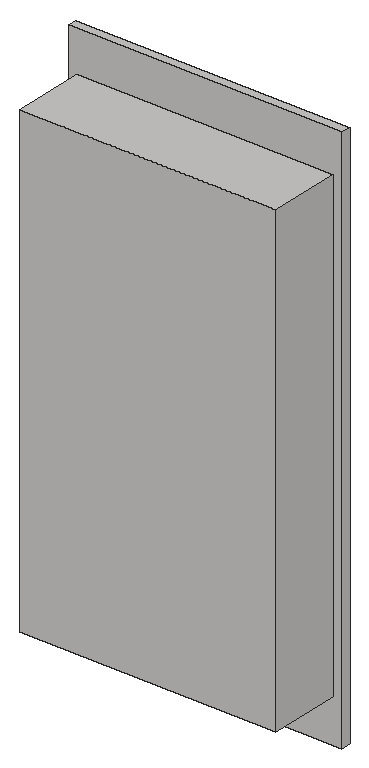
Revit family "Hydration_Station-Haws_Corporation-Brita_Hydration_Recess_Mount", category Specialty Equipment, host Wall, Revit 2013
Parameters (values of type "Recess Mounted")
  Width = 1' - 3"  # constant formula
  Voltage = 110 V
  URL = "http://www.britahydrationstation.com/"
  Type Comments = "Recessed Mounted"  # constant formula
  Spec Data = "http://www.britahydrationstation.com/docs/brita-hydration-station-spec-sheets.pdf"
  Series = "Brita Hydration Station"  # constant formula
  Rough In Width = 1' - 2 1/4"  # constant formula
  Rough In Height = 2' - 1 7/8"  # constant formula
  Product Page URL = "http://www.britahydrationstation.com/brita-hydration-station/tech-specs/"
  Product Documentation Link = "http://www.britahydrationstation.com/docs/brita-hydration-station-spec-sheets.pdf"
  Power Factor = 1
  Phase = 1
  Panel Finish = Metal-Haws-Stainless Steel-Brushed
  Sanitary Radius = 0' - 0 3/4"
  Outlet Description = "Aux Waste Port"
  Number of Poles = 1
  Model = "2000"  # constant formula
  Material = ""
  Manufacturer = "Haws Corporation 1455 Kleppe Lane Sparks, NV 89431"  # constant formula
  LEED = "http://www.britahydrationstation.com/brita-hydration-station/#sustainable"
  Installation Instructions = "http://www.britahydrationstation.com/docs/brita-hydration-station-2000-IN.pdf"
  Insert Tray = Plastic-Haws-ABS-Grey
  Supply Radius = 0' - 0 3/16"
  Inlet Description = "Supply Port"
  Hydration Center = Plastic-Haws-ABS-White
  Height = 2' - 6 1/4"  # constant formula
  Frequency = 60 Hz
  Flow = 1 GPM
  Faucet = Metal-Haws-Stainless Steel-Brushed
  Description = "Advanced Water Filtration System"  # constant formula
  Default Elevation = 2' - 6"
  Cost Note = "For Cost information please visit the Resource tab in the Product Page URL"
  Case Depth = 0' - 3 15/16"  # constant formula
  Assembly Code = "D2010800"
  Apparent Load = 110 VA
Reference planes (in)
  plane 1: y = 0
  plane 2 "Center (Left/Right)": x = 0
  plane 3 "Back": y = 3
  plane 4 "Front of panel": y = 3.5
  plane 5 "Left": x = -7.5
  plane 6 "Right": x = 7.5
  plane 7 "Back of Case": y = -0.9375
  plane 8: z = 30
  plane 9: z = 60.25
  plane 10: z = 31.5
Forms (in)
  Extrusion 1, void
    sketch origin (0, 3, 0) x (1, 0, 0) y (0, 0, 1)
      loop
        line (7, 32.375) -> (7, 58) -> (-7, 58) -> (-7, 32.375) -> (7, 32.375)
    from 0 to 3.9375
  Extrusion 2, solid, material "Metal-Haws-Stainless Steel-Brushed" <- "Panel Finish"
    sketch origin (0, 3, 0) x (1, 0, 0) y (0, 0, 1)
      loop
        line (7, 32.375) -> (7, 58) -> (-7, 58) -> (-7, 32.375) -> (7, 32.375)
    from 0 to 3.9375
  Extrusion 3, solid, material "Metal-Haws-Stainless Steel-Brushed" <- "Panel Finish"
    sketch origin (0, 3, 0) x (1, 0, 0) y (0, 0, 1)
      loop
        line (7.5, 30) -> (7.5, 60.25) -> (-7.5, 60.25) -> (-7.5, 30) -> (7.5, 30)
    from -0.5 to 0
Lines and regions (in)
  Masking region 1
    outline origin (0, 0, 0) x (1, 0, 0) y (0, 1, 0)
      loop
        line (-7, 3) -> (-7, -0.9375) -> (7, -0.9375) -> (7, 3) -> (-7, 3)
  Masking region 2
    outline origin (0, 0, 0) x (1, 0, 0) y (0, 1, 0)
      loop
        line (-7.5, 3.5) -> (-7.5, 3) -> (7.5, 3) -> (7.5, 3.5) -> (-7.5, 3.5)
  Masking region 3
    outline origin (0, 0, 0) x (1, 0, 0) y (0, 1, 0)
      loop
        line (-6.09375, 3.5) -> (6.09375, 3.5) -> (6.0011, 4.55896)
        arc (6.0011, 4.55896) -> (5.7998, 5.07001) -> (5.35263, 5.38897) r 0.96696
        arc (5.35263, 5.38897) -> (0, 6.28469) -> (-5.35263, 5.38897) r 16.44089
        arc (-5.35263, 5.38897) -> (-5.7998, 5.07001) -> (-6.0011, 4.55896) r 0.96696
        line (-6.0011, 4.55896) -> (-6.09375, 3.5)
  symbolic lines, detail levels medium+fine
    curve 1: arc (-2.97266, 6.33373, 0) -> (0, 6.92194, 0) -> (2.97266, 6.33373, 0) r 7.80561
    curve 2: arc (2.97266, 6.33373, 0) -> (3.17865, 6.17749, 0) -> (3.28065, 5.93991, 0) r 0.50629
    curve 3: arc (-2.97266, 6.33373, 0) -> (-3.17865, 6.17749, 0) -> (-3.28065, 5.93992, 0) r 0.50629
Text (in)
  text "Placement Side" at (0, 40.15149, 123.01588), in view "Right"
  text "Placement Side" at (-93.12952, 64.97332, 0), in view "Ref. Level"
  text "Placement Side" at (0, 47.49176, 140.59947), in view "Left"
Dimensions and locks (in)
  locked: plane 3 "Back" to host wall
  equal spacing: plane 5 "Left", plane 2 "Center (Left/Right)", plane 6 "Right"
  "Width": plane 5 "Left" to plane 6 "Right"
  locked: plane 3 "Back" to plane 4 "Front of panel" at 0.5
  "Case Depth": plane 3 "Back" to plane 7 "Back of Case"
  "Default Elevation": level to plane 8
  "Height": plane 8 to plane 9
  locked: Extrusion 1 sketch curve to plane 6 "Right" at 0.5
  locked: plane 5 "Left" to Extrusion 1 sketch curve at 0.5
  locked: Extrusion 1 sketch curve to plane 9 at 2.25
  locked: plane 8 to Extrusion 1 sketch curve at 2.375
  locked: Extrusion 2 sketch curve to plane 6 "Right" at 0.5
  locked: plane 5 "Left" to Extrusion 2 sketch curve at 0.5
  locked: Extrusion 2 sketch curve to plane 9 at 2.25
  locked: plane 8 to Extrusion 2 sketch curve at 2.375
  locked: plane 8 to plane 10 at 1.5
  locked: nested 1 to plane 4 "Front of panel" at 0
  locked: nested 1 to plane 2 "Center (Left/Right)" at 0
  locked: plane 10 to nested 1 at 0
  aligned and locked: Extrusion 1 to plane 7 "Back of Case"
  aligned and locked: host wall to Extrusion 1
  aligned and locked: host wall to Extrusion 2
  aligned and locked: Extrusion 2 to plane 7 "Back of Case"
  aligned and locked: plane 6 "Right" to Extrusion 3 sketch curve
  aligned and locked: plane 8 to Extrusion 3 sketch curve
  aligned and locked: plane 9 to Extrusion 3 sketch curve
  aligned and locked: Extrusion 3 sketch curve to plane 5 "Left"
  aligned and locked: plane 4 "Front of panel" to Extrusion 3
  aligned and locked: Extrusion 3 to host wall
Automatic sketch dimensions
  Masking region 1 sketch curve to plane 7 "Back of Case" = 0' - 0"
  Masking region 1 sketch curve to host wall = 0' - 0"
  Masking region 1 sketch curve to plane 5 "Left" = 0' - 0 1/2"
  plane 6 "Right" to Masking region 1 sketch curve = 0' - 0 1/2"
  Masking region 2 sketch curve to host wall = 0' - 0"
  Masking region 2 sketch curve to plane 5 "Left" = 0' - 0"
  Masking region 2 sketch curve to plane 6 "Right" = 0' - 0"
  Masking region 2 sketch curve to plane 4 "Front of panel" = 0' - 0"
  Masking region 3 sketch curve to plane 4 "Front of panel" = 0' - 0"
  Masking region 3 sketch curve to plane 5 "Left" = 0' - 1 13/32"
  Masking region 3 sketch curve to Masking region 3 sketch curve = 0' - 0.09265"  (x2)
  Masking region 3 sketch curve to Masking region 3 sketch curve = 0' - 0.64847"
  Masking region 3 sketch curve to Masking region 3 sketch curve = 0' - 0"  (x2)
  Masking region 3 sketch curve to Masking region 3 sketch curve = 0' - 0.96328"  (x2)
  Masking region 3 sketch curve to plane 2 "Center (Left/Right)" = 0' - 0"
  plane 4 "Front of panel" to Masking region 3 sketch curve = 0' - 0.97468"
  plane 6 "Right" to Masking region 3 sketch curve = 0' - 2.46218"
  Masking region 3 sketch curve to Masking region 3 sketch curve = 0' - 0.31481"
  plane 4 "Front of panel" to Masking region 3 sketch curve = 0' - 1.05896"
  curve 3 to plane 2 "Center (Left/Right)" = 0' - 3.28065"
  curve 3 to curve 3 = 0' - 0.30799"
  curve 1 to curve 3 = 0' - 0"
  curve 1 to curve 3 = 0' - 0.19281"
  curve 1 to plane 2 "Center (Left/Right)" = 0' - 0"
  plane 2 "Center (Left/Right)" to curve 2 = 0' - 2.77984"
  curve 2 to curve 1 = 0' - 0.19281"
  curve 2 to curve 1 = 0' - 0"
  curve 1 to curve 2 = 0' - 0.30799"
  plane 7 "Back of Case" to curve 1 = 0' - 0.05383"
  plane 4 "Front of panel" to curve 2 = 0' - 2.36559"
Nested families (in)
  nested 1: "Hydration_Station-Haws-Brita_Hydration" at (0, 4.125, 31.5) x (-1, 0, 0) z (0, 0, 1), type "Hydration_Station-Haws-Brita_Hydration"
Connectors (in)
  electrical at (0, -0.9375, 45.1875), driven by "Number of Poles", driven by "Voltage", driven by "Apparent Load", driven by "Power Factor"
    settings: on Extrusion 2, index 1, voltage 110 V, apparent load 0 VA, apparent load phase1 110 VA, apparent load phase2 0 VA, apparent load phase3 0 VA, power factor 1, load classification "Other", number of poles 1, system type 31, power factor state 1, is connector primary yes, connector utility no, sub classification motor no, connector description "Power Connector"
  piping at (0, 1.03125, 32.375), driven by "Sanitary Radius", driven by "Outlet Description"
    settings: on Extrusion 2, index 2, connector radius 3/4", flow factor 0, pipe flow 0 GPM, pressure drop 0.00 psi, fitting loss kfactor 0, connector angle 0.00°, fixture units 0, engagement length 0' - 0", flow configuration 0, flow direction 2, fitting loss method 0, system type 16, joint type 0, gender type 0, connector reference index -1, connector utility 0, adjustable connector no, is connector primary yes, fitting loss table "", connector description "Aux Waste Port"
  piping at (0, -0.9375, 45.1875), driven by "Supply Radius"
    settings: on host wall, index 3, connector radius 3/16", flow factor 0, pipe flow 0 GPM, pressure drop 0.00 psi, fitting loss kfactor 0, connector angle 0.00°, fixture units 0, engagement length 0' - 0", flow configuration 0, flow direction 1, fitting loss method 0, system type 20, joint type 0, gender type 0, connector reference index -1, connector utility 0, adjustable connector no, is connector primary no, fitting loss table "", connector description "Supply Port"
Definition of nested family "Hydration_Station-Haws-Brita_Hydration"
  Parameters (values of type "Hydration_Station-Haws-Brita_Hydration")
    Width = 1' - 0 3/16"  # constant formula
    URL = "http://www.hawsco.com/"
    Model = "Brita Hydration Station"  # constant formula
    Manufacturer = "Haws"  # constant formula
    Insert Tray = Plastic-Haws-ABS-Grey
    Height = 1' - 11 47/64"  # constant formula
    Finish = Plastic-Haws-ABS-White
    Faucet = Metal-Haws-Stainless Steel-Brushed
  Reference planes (in)
    plane 1 "Center (Front/Back)": y = 0
    plane 2 "Bottom": z = 0
    plane 3 "Center (Left/Right)": x = 0
    plane 4 "Front": y = -2.79688
    plane 5 "Back": y = 0.625
    plane 6 "Left": x = -6.09375
    plane 7 "Right": x = 6.09375
    plane 8 "Top": z = 23.73438
    plane 9 "Tray": z = 7.26172
  Forms (in)
    Extrusion 1, solid, material "Plastic-Haws-ABS-White" <- "Finish"
      sketch origin (0, 0, 0) x (1, 0, 0) y (0, 0, 1)
        loop
          arc (-5.29687, 22.83594) -> (-5.85926, 22.33085) -> (-6.09375, 21.61223) r 1.4603
          line (-6.09375, 21.61223) -> (-6.09375, 2.12214)
          arc (-6.09375, 2.12214) -> (-5.85926, 1.40353) -> (-5.29687, 0.89844) r 1.4603
          arc (-5.29687, 0.89844) -> (0, 0) -> (5.29688, 0.89844) r 16.06349
          arc (5.29688, 0.89844) -> (5.85926, 1.40353) -> (6.09375, 2.12214) r 1.4603
          line (6.09375, 2.12214) -> (6.09375, 21.61223)
          arc (6.09375, 21.61223) -> (5.85926, 22.33085) -> (5.29687, 22.83594) r 1.4603
          arc (5.29687, 22.83594) -> (0, 23.73438) -> (-5.29687, 22.83594) r 16.06349
        loop
          line (-3.27344, 3.125) -> (3.27344, 3.125) -> (3.27344, 19.85156) -> (-3.27344, 19.85156) -> (-3.27344, 3.125)
      from -0.625 to 2.79687
    Extrusion 2, solid, material "Plastic-Haws-ABS-White" <- "Finish"
      sketch origin (0, 0, 0) x (1, 0, 0) y (0, 0, 1)
        loop
          line (-3.27344, 3.125) -> (3.27344, 3.125) -> (3.27344, 19.85156) -> (-3.27344, 19.85156) -> (-3.27344, 3.125)
      from -0.625 to 0
    Extrusion 3, void
      sketch origin (0, 0, 0) x (1, 0, 0) y (0, 1, 0)
        loop
          line (6.09375, 0.625) -> (6, -0.39063)
          arc (6, -0.39063) -> (5.78065, -0.94633) -> (5.29688, -1.29688) r 1.06645
          line (5.29688, -1.29688) -> (5.29688, -2.79688) -> (6.09375, -2.79688) -> (6.09375, 0.625)
        loop
          line (-6.09375, 0.625) -> (-6.09375, -2.79688) -> (-5.29687, -2.79688) -> (-5.29687, -1.29688)
          arc (-5.29687, -1.29688) -> (-5.78065, -0.94633) -> (-6, -0.39063) r 1.06645
          line (-6, -0.39063) -> (-6.09375, 0.625)
      from 0 to 23.73437
    Extrusion 4, void
      sketch origin (0, 0, 0) x (1, 0, 0) y (0, 1, 0)
        loop
          line (-5.29687, -1.29688) -> (-5.29687, -2.79688) -> (5.29687, -2.79688) -> (5.29687, -1.29688)
          arc (5.29687, -1.29688) -> (0, -2.1875) -> (-5.29687, -1.29688) r 16.19655
      from 0 to 23.73438
    Sweep 5, void
      path origin (0, 0, 23.73437) x (-1, 0, 0) y (0, -1, 0)
        loop
          arc (6.09375, 0.99704) -> (0, 2.18856) -> (-6.09375, 0.99704) r 16.17835
      profile origin (0, -2.18856, 23.73437) x (0, 1, 0) y (0, 0, 1)
        loop
          line (-0.60831, -1.80697) -> (0, -1.80697)
          arc (0, -1.80697) -> (0.29942, -0.95334) -> (1.05575, -0.45703) r 1.41085
          line (1.05575, -0.45703) -> (2.81356, 0) -> (-0.60831, 0) -> (-0.60831, -1.80697)
    Sweep 6, void
      path origin (0, 0, 0) x (1, 0, 0) y (0, 1, 0)
        loop
          arc (-6.09375, -0.99704) -> (0, -2.18856) -> (6.09375, -0.99704) r 16.17835
      profile origin (0, -2.18856, 0) x (0, 1, 0) y (0, 0, 1)
        loop
          line (-0.60831, 1.80697) -> (-0.60831, 0) -> (2.81356, 0) -> (1.05575, 0.45703)
          arc (1.05575, 0.45703) -> (0.29942, 0.95334) -> (0, 1.80697) r 1.41085
          line (0, 1.80697) -> (-0.60831, 1.80697)
    Extrusion 7, void
      sketch origin (0, 0, 0) x (1, 0, 0) y (0, 0, 1)
        loop
          line (-6.09375, 8.51953) -> (-4.29297, 8.51953) -> (-4.29297, 20.88672) -> (-6.09375, 20.88672) -> (-6.09375, 8.51953)
        loop
          line (6.09375, 8.51953) -> (6.09375, 20.88672) -> (4.29297, 20.88672) -> (4.29297, 8.51953) -> (6.09375, 8.51953)
      from 0 to 2.79687
    Extrusion 8, solid, material "Plastic-Haws-ABS-Grey" <- "Insert Tray", detail levels medium+fine
      sketch origin (0, 0, 0) x (1, 0, 0) y (0, 1, 0)
        loop
          line (3.27344, -1.85326) -> (3.27344, 0) -> (-3.27344, 0) -> (-3.27344, -1.85326)
          arc (-3.27344, -1.85326) -> (0, -2.1875) -> (3.27344, -1.85326) r 16.19655
      from 3.125 to 4.57812
    Extrusion 9, solid, material "Plastic-Haws-ABS-Grey" <- "Insert Tray", detail levels medium+fine
      sketch origin (0, 0, 0) x (1, 0, 0) y (0, 1, 0)
        loop
          line (-3.27344, 0) -> (-3.27344, -1.85326)
          arc (-3.27344, -1.85326) -> (-3.16634, -2.06762) -> (-2.97266, -2.20873) r 0.50629
          arc (-2.97266, -2.20873) -> (0, -2.79694) -> (2.97266, -2.20873) r 7.80561
          arc (2.97266, -2.20873) -> (3.16634, -2.06762) -> (3.27344, -1.85326) r 0.50629
          line (3.27344, -1.85326) -> (3.27344, 0) -> (-3.27344, 0)
      from 4.57812 to 7.26172
    Extrusion 10, solid, material "Metal-Haws-Stainless Steel-Brushed" <- "Faucet", detail levels medium+fine
      sketch origin (0, 0, 23.73437) x (-1, 0, 0) y (0, -1, 0)
        loop
          circle (0, 1.09375) r 0.86133
      from -4.92578 to -3.88281
    Extrusion 11, solid, material "Plastic-Haws-ABS-White" <- "Finish", detail levels medium+fine
      sketch origin (0, 0, 0) x (1, 0, 0) y (0, 0, 1)
        loop
          line (-0.98828, 15.27344) -> (0.98828, 15.27344) -> (0.98828, 17.64844) -> (-0.98828, 17.64844) -> (-0.98828, 15.27344)
      from -0.625 to 0.0625
  Cuts and joins
    Extrusion 3, Extrusion 4, Sweep 5, Sweep 6, Extrusion 7 cuts Extrusion 1
    Extrusion 7 cuts Extrusion 2
  Lines and regions (in)
    Masking region 1
      outline origin (0, 0, 23.73437) x (-1, 0, 0) y (0, -1, 0)
        loop
          line (6.09375, -0.625) -> (6, 0.39063)
          arc (6, 0.39063) -> (5.78064, 0.94631) -> (5.29705, 1.29681) r 1.06633
          arc (5.29705, 1.29681) -> (0.0001, 2.21438) -> (-5.29685, 1.29681) r 15.74793
          arc (-5.29685, 1.29681) -> (-5.78064, 0.94631) -> (-6, 0.39063) r 1.06633
          line (-6, 0.39063) -> (-6.09375, -0.625) -> (6.09375, -0.625)
    Masking region 2, detail levels medium+fine
      outline origin (0, 0, 7.26172) x (-1, 0, 0) y (0, -1, 0)
        loop
          line (3.27344, 0) -> (3.27344, 1.85326)
          arc (3.27344, 1.85326) -> (3.16634, 2.06762) -> (2.97266, 2.20873) r 0.50629
          arc (2.97266, 2.20873) -> (0, 2.79694) -> (-2.97266, 2.20873) r 7.80561
          arc (-2.97266, 2.20873) -> (-3.16634, 2.06762) -> (-3.27344, 1.85326) r 0.50629
          line (-3.27344, 1.85326) -> (-3.27344, 0) -> (3.27344, 0)
    model lines, detail levels fine
      curve 1: circle (0, -0.0625, 16.46094) r 0.625 normal (0, -1, 0)
      curve 2: line (-0.98828, 0, 8.82422) -> (0.98828, 0, 8.82422)
      curve 3: line (-0.98828, 0, 13.82031) -> (-0.98828, 0, 8.82422)
      curve 4: line (0.98828, 0, 13.82031) -> (-0.98828, 0, 13.82031)
      curve 5: line (0.98828, 0, 8.82422) -> (0.98828, 0, 13.82031)
      curve 6: circle (5.22656, 0, 17.90234) r 0.10156 normal (0, -1, 0)
    symbolic lines, style "GenericModelHiddenLines", detail levels fine
      curve 7: circle (0, -1.09375, 23.73437) r 0.86133 normal (0, 0, 1)
    model lines, detail levels medium+fine
      curve 8: line (-6.09375, 0.625, 7.26172) -> (-6, -0.39062, 7.26172)
      curve 9: arc (-6, -0.39062, 7.26172) -> (-5.78071, -0.94626, 7.26172) -> (-5.29705, -1.29681, 7.26172) r 1.06645
      curve 10: arc (-5.29705, -1.29681, 7.26172) -> (-4.29257, -1.61836, 7.26172) -> (-3.26881, -1.8719, 7.26172) r 15.73578
      curve 11: arc (5.29685, -1.29681, 7.26172) -> (5.78066, -0.94614, 7.26172) -> (6.00003, -0.39033, 7.26172) r 1.0668
      curve 12: line (6.00003, -0.39033, 7.26172) -> (6.09375, 0.625, 7.26172)
      curve 13: arc (5.29705, -1.29681, 7.26172) -> (4.29257, -1.61836, 7.26172) -> (3.26881, -1.8719, 7.26172) r 15.73578
  Dimensions and locks (in)
    plane 5 "Back" to plane 1 "Center (Front/Back)" to plane 4 "Front" = 0' - 0 5/8" locked, 0' - 2 51/64" locked
    equal spacing: plane 6 "Left", plane 3 "Center (Left/Right)", plane 7 "Right"
    "Width": plane 6 "Left" to plane 7 "Right"
    "Height": plane 8 "Top" to level
    plane 8 "Top" to Extrusion 1 sketch curve to Extrusion 1 sketch curve to Extrusion 1 sketch curve = 0' - 0 115/128" locked, 0' - 1.22371" locked, 0' - 1.76067" locked
    plane 8 "Top" to Extrusion 1 sketch curve to Extrusion 1 sketch curve = 0' - 0 115/128" locked, 0' - 1.22371" locked
    Extrusion 1 sketch curve to Extrusion 1 sketch curve to level = 0' - 1.22371" locked, 0' - 0 115/128" locked
    Extrusion 1 sketch curve to Extrusion 1 sketch curve to Extrusion 1 sketch curve to level = 0' - 1.00286" locked, 0' - 1.22371" locked, 0' - 0 115/128" locked
    plane 6 "Left" to Extrusion 1 sketch curve to Extrusion 1 sketch curve = 0' - 0 51/64" locked, 0' - 2 3/128" locked
    Extrusion 1 sketch curve to Extrusion 1 sketch curve to plane 7 "Right" = 0' - 2 3/128" locked, 0' - 0 51/64" locked
    locked: plane 6 "Left" to Extrusion 1 sketch curve at 0.79688
    locked: Extrusion 1 sketch curve to plane 7 "Right" at 0.79687
    locked: plane 8 "Top" to Extrusion 1 sketch curve at 0
    locked: level to Extrusion 1 sketch curve at 0
    locked: plane 6 "Left" to Extrusion 2 sketch curve at 2.82031
    locked: Extrusion 2 sketch curve to plane 7 "Right" at 2.82031
    locked: plane 8 "Top" to Extrusion 2 sketch curve at 3.88281
    locked: Extrusion 2 sketch curve to level at 3.125
    plane 6 "Left" to Extrusion 3 sketch curve to Extrusion 3 sketch curve = 0' - 0 3/32" locked, 0' - 0 45/64" locked
    plane 5 "Back" to Extrusion 3 sketch curve to Extrusion 3 sketch curve to Extrusion 3 sketch curve = 0' - 0" locked, 0' - 0.9176" locked, 0' - 0.09802" locked  (x2)
    Extrusion 3 sketch curve to Extrusion 3 sketch curve to plane 7 "Right" = 0' - 0 45/64" locked, 0' - 0 3/32" locked
    locked: plane 6 "Left" to Extrusion 4 sketch curve at 0.79687
    locked: Extrusion 4 sketch curve to plane 7 "Right" at 0.79688
    locked: plane 5 "Back" to Extrusion 4 sketch curve at 2.8125
    locked: plane 5 "Back" to Sweep 5 sketch curve at 2.81356
    plane 8 "Top" to Sweep 5 sketch curve to Sweep 5 sketch curve = 0' - 0 117/256" locked, 0' - 1.34994" locked
    plane 5 "Back" to Sweep 5 sketch curve to Sweep 5 sketch curve to Sweep 5 sketch curve = 0' - 0" locked, 0' - 1 97/128" locked, 0' - 1.05575" locked
    Sweep 6 sketch curve to Sweep 6 sketch curve to level = 0' - 1.34994" locked, 0' - 0 117/256" locked
    plane 5 "Back" to Sweep 6 sketch curve to Sweep 6 sketch curve to Sweep 6 sketch curve = 0' - 0" locked, 0' - 1 97/128" locked, 0' - 1.05575" locked
    locked: plane 5 "Back" to Sweep 6 sketch curve at 2.81356
    locked: plane 8 "Top" to Extrusion 7 sketch curve at 2.84766  (x2)
    locked: Extrusion 7 sketch curve to level at 8.51953  (x2)
    locked: plane 6 "Left" to Extrusion 7 sketch curve at 1.80078
    locked: Extrusion 7 sketch curve to plane 7 "Right" at 1.80078
    locked: plane 9 "Tray" to level at 7.26172
    locked: plane 5 "Back" to Extrusion 8 sketch curve at 2.8125
    locked: plane 6 "Left" to Extrusion 8 sketch curve at 2.82031
    locked: Extrusion 8 sketch curve to plane 7 "Right" at 2.82031
    Extrusion 8 to Extrusion 8 to level = 0' - 1 29/64" locked, 0' - 3 1/8" locked
    locked: plane 6 "Left" to Extrusion 9 sketch curve at 2.82031
    locked: Extrusion 9 sketch curve to plane 7 "Right" at 2.82031
    locked: Extrusion 9 to level at 4.57812
    locked: plane 5 "Back" to Extrusion 9 sketch curve at 2.36559  (x2)
    plane 8 "Top" to Extrusion 10 to Extrusion 10 = 0' - 3 113/128" locked, 0' - 1 11/256" locked
    locked: plane 3 "Center (Left/Right)" to curve 1 at 0
    plane 8 "Top" to Extrusion 11 sketch curve to Extrusion 11 sketch curve = 0' - 6 11/128" locked, 0' - 2 3/8" locked
    Extrusion 11 sketch curve to plane 3 "Center (Left/Right)" to Extrusion 11 sketch curve = 0' - 0 253/256" locked, 0' - 0 253/256" locked
    locked: plane 8 "Top" to curve 1 at 7.27344
    locked: plane 1 "Center (Front/Back)" to Extrusion 11 at 0.0625
    curve 4 to curve 2 to plane 9 "Tray" = 0' - 4 255/256" locked, 0' - 1 9/16" locked
    curve 3 to plane 3 "Center (Left/Right)" to curve 5 = 0' - 0 253/256" locked, 0' - 0 253/256" locked
    locked: plane 8 "Top" to curve 6 at 5.83203
    locked: curve 6 to plane 7 "Right" at 0.86719
    plane 5 "Back" to Masking region 1 sketch curve to Masking region 1 sketch curve = 0' - 1 1/64" locked, 0' - 0.90619" locked  (x2)
    plane 6 "Left" to Masking region 1 sketch curve to Masking region 1 sketch curve to Masking region 1 sketch curve = 0' - 0" locked, 0' - 0 3/32" locked, 0' - 0.70315" locked
    Masking region 1 sketch curve to Masking region 1 sketch curve to plane 7 "Right" to Masking region 1 sketch curve = 0' - 0.70315" locked, 0' - 0 3/32" locked, 0' - 0" locked
    locked: plane 3 "Center (Left/Right)" to curve 7 at 0
    locked: plane 5 "Back" to curve 7 at 1.71875
    locked: plane 5 "Back" to Masking region 2 sketch curve at 2.36559  (x2)
    Masking region 2 sketch curve to plane 3 "Center (Left/Right)" to Masking region 2 sketch curve = 0' - 3 35/128" locked, 0' - 3 35/128" locked
    curve 8 to plane 6 "Left" to curve 9 to curve 10 = 0' - 0" locked, 0' - 0 3/32" locked, 0' - 0.70295" locked
    locked: plane 6 "Left" to curve 10 at 2.82494
    curve 13 to curve 13 to curve 11 to plane 7 "Right" to curve 12 = 0' - 2.02824" locked, 0' - 0.70298" locked, 0' - 0.09372" locked, 0' - 0" locked
    plane 5 "Back" to curve 8 to curve 9 to curve 10 = 0' - 0" locked, 0' - 1 1/64" locked, 0' - 0.90619" locked
    plane 5 "Back" to curve 12 to curve 13 = 0' - 1.01533" locked, 0' - 0.90648" locked
    aligned and locked: Extrusion 1 sketch curve to plane 6 "Left"
    aligned and locked: Extrusion 1 sketch curve to plane 7 "Right"
    aligned and locked: plane 5 "Back" to Extrusion 1
    aligned and locked: Extrusion 1 to plane 4 "Front"
    aligned and locked: plane 5 "Back" to Extrusion 2
    aligned and locked: plane 1 "Center (Front/Back)" to Extrusion 2
    aligned and locked: plane 8 "Top" to Extrusion 3
    aligned and locked: Extrusion 3 to level
    aligned and locked: plane 8 "Top" to Extrusion 4
    aligned and locked: plane 4 "Front" to Extrusion 3 sketch curve
    aligned and locked: plane 6 "Left" to Extrusion 3 sketch curve
    aligned and locked: Extrusion 3 sketch curve to plane 4 "Front"
    aligned and locked: plane 7 "Right" to Extrusion 3 sketch curve
    aligned and locked: Extrusion 4 sketch curve to plane 4 "Front"
    aligned and locked: Extrusion 4 to level
    aligned and locked: plane 6 "Left" to Sweep 5 sketch curve
    aligned and locked: plane 7 "Right" to Sweep 5 sketch curve
    aligned and locked: Sweep 5 sketch curve to plane 8 "Top"
    aligned and locked: plane 4 "Front" to Sweep 5 sketch curve
    aligned and locked: Sweep 6 sketch curve to level
    aligned and locked: plane 7 "Right" to Sweep 6 sketch curve
    aligned and locked: plane 6 "Left" to Sweep 6 sketch curve
    aligned and locked: plane 6 "Left" to Extrusion 7 sketch curve
    aligned and locked: plane 7 "Right" to Extrusion 7 sketch curve
    aligned and locked: Extrusion 7 to plane 1 "Center (Front/Back)"
    aligned and locked: Extrusion 7 to plane 4 "Front"
    aligned and locked: plane 1 "Center (Front/Back)" to Extrusion 8 sketch curve
    aligned: Extrusion 8 to cut or joined group of Extrusion 1, Extrusion 3, Extrusion 4, Sweep 5, Sweep 6, Extrusion 7
    aligned and locked: plane 1 "Center (Front/Back)" to Extrusion 9 sketch curve
    aligned and locked: plane 9 "Tray" to Extrusion 9
    aligned and locked: plane 5 "Back" to Extrusion 11
    aligned and locked: Masking region 1 sketch curve to plane 5 "Back"
    aligned and locked: Masking region 2 sketch curve to plane 1 "Center (Front/Back)"
  Automatic sketch dimensions
    Extrusion 1 sketch curve to plane 6 "Left" = 0' - 1.4582"  (x2)
    plane 7 "Right" to Extrusion 1 sketch curve = 0' - 1.4582"  (x2)
    Extrusion 3 sketch curve to Extrusion 3 sketch curve = 0' - 1.06193"
    Extrusion 3 sketch curve to Extrusion 3 sketch curve = 0' - 0.35881"
    Extrusion 4 sketch curve to plane 3 "Center (Left/Right)" = 0' - 0"
    plane 1 "Center (Front/Back)" to Extrusion 4 sketch curve = 0' - 1 19/64"
    Sweep 5 sketch curve to plane 3 "Center (Left/Right)" = 0' - 0"
    plane 5 "Back" to Sweep 5 sketch curve = 1' - 1.36479"
    Sweep 5 sketch curve to profile plane = 0' - 1.41077"
    Sweep 6 sketch curve to plane 3 "Center (Left/Right)" = 0' - 0"
    plane 1 "Center (Front/Back)" to Sweep 6 sketch curve = 0' - 0.99704"
    profile plane to Sweep 6 sketch curve = 0' - 0.60831"
    Sweep 6 sketch curve to profile plane = 0' - 1.41077"
    Extrusion 8 sketch curve to plane 3 "Center (Left/Right)" = 0' - 0"
    Extrusion 8 sketch curve to Extrusion 8 sketch curve = 0' - 1.85326"
    Extrusion 9 sketch curve to plane 3 "Center (Left/Right)" = 0' - 0"
    Extrusion 9 sketch curve to Extrusion 9 sketch curve = 0' - 0 77/256"
    Extrusion 9 sketch curve to Extrusion 9 sketch curve = 0' - 0"  (x2)
    Extrusion 9 sketch curve to Extrusion 9 sketch curve = 0' - 0.49359"  (x2)
    Extrusion 9 sketch curve to Extrusion 9 sketch curve = 0' - 0.11267"
    Extrusion 10 sketch curve to plane 3 "Center (Left/Right)" = 0' - 0"
    plane 1 "Center (Front/Back)" to Extrusion 10 sketch curve = 0' - 1 3/32"
    Masking region 1 sketch curve to Masking region 1 sketch curve = 0' - 0"
    plane 1 "Center (Front/Back)" to Masking region 1 sketch curve = 0' - 0.29261"  (x2)
    Masking region 1 sketch curve to Masking region 1 sketch curve = 0' - 0.0002"
    Masking region 2 sketch curve to plane 3 "Center (Left/Right)" = 0' - 0"
    Masking region 2 sketch curve to Masking region 2 sketch curve = 0' - 0 77/256"
    Masking region 2 sketch curve to Masking region 2 sketch curve = 0' - 0"  (x2)
    Masking region 2 sketch curve to Masking region 2 sketch curve = 0' - 0.49359"  (x2)
    plane 5 "Back" to Masking region 2 sketch curve = 0' - 4.38367"
    curve 12 to plane 5 "Back" = 0' - 0"
    curve 13 to curve 11 = 0' - 0.0002"
    plane 1 "Center (Front/Back)" to curve 11 = 0' - 0.29228"
    curve 11 to curve 11 = 0' - 1.06228"
    plane 3 "Center (Left/Right)" to curve 13 = 0' - 0.0001"
    curve 10 to plane 3 "Center (Left/Right)" = 0' - 0.0001"
    plane 1 "Center (Front/Back)" to curve 9 = 0' - 0.2926"
    curve 10 to curve 9 = 0' - 0"
    curve 10 to curve 13 = 0' - 0"
    Masking region 1 sketch curve to plane 3 "Center (Left/Right)" = 0' - 0.0001"
    radius of curve 6 = 0' - 0 13/128"
    radius of curve 7 = 0' - 0.86133"
    radius of Extrusion 10 sketch curve = 0' - 0.86133"
    radius of curve 1 = 0' - 0 5/8"
